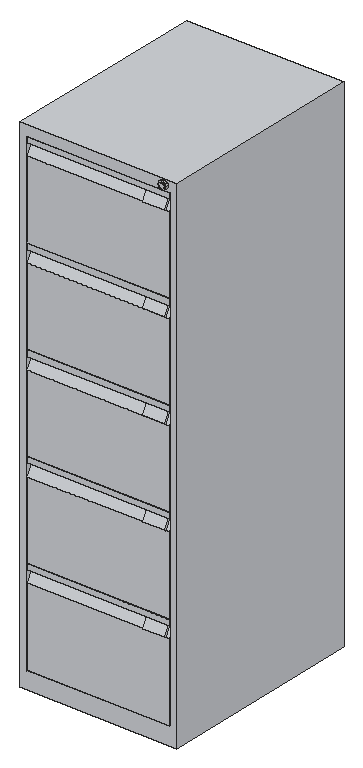
Revit family "BISLEY_BS_Filing_Cabinets", category Furniture, Revit 2018
Family settings
  OmniClass Number = 23.40.20.00
  OmniClass Title = General Furniture and Specialties
  Work Plane-Based = No
  Always vertical = Yes
  Cut with Voids When Loaded = No
  Shared = No
  Room Calculation Point = No
Parameters (values of type "1653")
  plinth height = 50 mm
  Width = 470 mm
  Weight = "67.72kg"
  Warranty = "7 years from date of purchase"  # constant formula
  Uniclass2015Version = "V1.1"  # constant formula
  Uniclass2015Title = "Shelves and Storage Units"  # constant formula
  Uniclass 2015 Code = "PR_40_30_29"  # constant formula
  URL = "www.bisley.com"
  Training Requirements for Operational Use = "N/A"  # constant formula
  Routine Maintenance = "We recommend you clean your unit with warm water and a mild detergent solution. A damp cloth can be used to remove dust particles."  # constant formula
  Range = "BS Filing Cabinet"  # constant formula
  Product Information = "5 Drawer Cabinet"
  Number of drawers = 5
  Model Reference = "1653"
  Model = "Bisley Filing Cabinet"  # constant formula
  Material = "Steel"  # constant formula
  Manufacturer = "Bisley"  # constant formula
  Lebel left = no
  Label right = yes
  Label position = 135.145 mm
  Installation Date = ""
  Height = 1511 mm
  Finish = "Powder Coated"  # constant formula
  Expected Life = ""
  Drawer width2 = -213 mm
  Drawer width1 = 213 mm
  Dimensions = "1511x 470 x 622 mm"
  Description = Product Information  # "5 Drawer Cabinet"
  Depth = 622 mm
  Compliance Standards Certification = "BS 4875: Part 8: 1985, BS 4875: Part 7: 1985"  # constant formula
  Category = "Furniture"  # constant formula
  Author = "Bisley"  # constant formula
  4th label vis = no
  3rd label vis = no
  1653 Visibility = yes
  1623-1643 Visibility = no
Types (8, lengths in mm): name | plinth height | Width | Weight | Product Information | Number of drawers | Model Reference | Lebel left | Label right | Height | Drawer width2 | Drawer width1 | Dimensions | Description | 4th label vis | 3rd label vis | 1653 Visibility | 1623-1643 Visibility
  (no name) | 50 | 470 | "67.72kg" | "5 Drawer Cabinet" | 5 | "1653" | no | yes | 1511 | -213 | 213 | "1511x 470 x 622 mm" | "5 Drawer Cabinet" | no | no | yes | no
  1623 | 70 | 470 | "25.76kg" | "2 Drawer Cabinet" | 2 | "1623" | no | yes | 711 | -213 | 213 | "711 x 470 x 622 mm" | "2 Drawer Cabinet" | no | no | no | yes
  1633 | 70 | 470 | "41.87kg" | "3 Drawer Cabinet" | 3 | "1633" | no | yes | 1016 | -213 | 213 | "1016 x 470 x 622 mm" | "3 Drawer Cabinet" | no | yes | no | yes
  1643 | 70 | 470 | "47.90kg" | "4 Door Cabinet" | 4 | "1643" | no | yes | 1321 | -213 | 213 | "1321 x 470 x 622 mm" | "4 Door Cabinet" | yes | yes | no | yes
  1653 | 50 | 470 | "67.72kg" | "5 Drawer Cabinet" | 5 | "1653" | no | yes | 1511 | -213 | 213 | "1511x 470 x 622 mm" | "5 Drawer Cabinet" | no | no | yes | no
  3623 | 70 | 413 | "28.94kg" | "2 Drawer Cabinet" | 2 | "3623" | yes | no | 711 | -184.5 | 184.5 | "711 x 413 x 622 mm" | "2 Drawer Cabinet" | no | no | no | yes
  3633 | 70 | 413 | "39.94kg" | "3 Drawer Cabinet" | 3 | "1633" | yes | no | 1016 | -184.5 | 184.5 | "1016 x 470 x 622 mm" | "3 Drawer Cabinet" | no | yes | no | yes
  3643 | 70 | 413 | "51.16kg" | "4 Drawer Cabinet" | 4 | "1643" | yes | no | 1321 | -184.5 | 184.5 | "1321 x 470 x 622 mm" | "4 Drawer Cabinet" | yes | yes | no | yes
Reference planes
  plane 1 "Center (Front/Back)": y = 0
  plane 2: z = 7
  plane 3 "Center (Left/Right)": x = 0
  plane 4: x = -235
  plane 5: x = 235
  plane 6: y = 311
  plane 7: y = -311
  plane 8: z = 1518
  plane 9: z = 7
  plane 10: z = 1488
  plane 11: z = 57
  plane 12: x = -215
  plane 13: x = 215
  plane 14: y = 230
  plane 15: x = 477
  plane 16: z = 62
  plane 17: x = -477
  plane 18: z = 1245
  plane 19: z = 978
  plane 20: z = 380.514
  plane 21: z = 383.514
Forms (mm)
  Extrusion 1, solid
    sketch origin (0, 0, 7) x (1, 0, 0) y (0, 1, 0)
      loop
        line (-235, 311) -> (-235, -311) -> (235, -311) -> (235, 311) -> (-235, 311)
    from 0 to 1511
  Extrusion 2, void
    sketch origin (0, 0, 0) x (1, 0, 0) y (0, 0, 1)
      loop
        line (-215, 1488) -> (-215, 57) -> (215, 57) -> (215, 1488) -> (-215, 1488)
    from -230 to 311
  Extrusion 3, solid, not visible
    sketch origin (0, 0, -11) x (0, 0, -1) y (0, -1, 0)
      loop
        line (-375, 215) -> (-73.486, 215) -> (-73.486, 235) -> (-323.022, 235) -> (-358, 216.402) -> (-373.358, 216.402) -> (-373.358, 233.251) -> (-358, 233.251) -> (-358, 235) -> (-375, 235) -> (-375, 215)
    from -213 <- "Drawer width2" to 213 <- "Drawer width1"
  Extrusion 4, solid
    sketch origin (194.969, -66.676, 1.065) x (1, 0, 0) y (0, 0, 1)
      loop
        circle (0, 1502.202) r 12
    from 244.324 to 250
  Extrusion 5, solid
    sketch origin (194.969, -66.676, 1.065) x (1, 0, 0) y (0, 0, 1)
      loop
        circle (-0.041, 1502.074) r 7.706
    from 244.324 to 251.657
  Extrusion 6, solid, visible <- "1623-1643 Visibility"
    sketch origin (0, -76, 5.514) x (0, 0, -1) y (0, -1, 0)
      loop
        line (-375, 215) -> (-73.486, 215) -> (-73.486, 235) -> (-323.022, 235) -> (-358, 216.402) -> (-373.358, 216.402) -> (-373.358, 233.251) -> (-358, 233.251) -> (-358, 235) -> (-375, 235) -> (-375, 215)
    from -213 <- "Drawer width2" to 213 <- "Drawer width1"
  Extrusion 7, solid, visible <- "1623-1643 Visibility"
    sketch origin (7.191, -292.402, 363.514) x (0, -0.469472, -0.882948) y (1, 0, 0)
      loop
        line (39.615, 192.578) -> (0, 192.578) -> (0, 127.955) -> (39.615, 127.955) -> (39.615, 192.578)
    from 0 to 3
  Extrusion 8, solid, visible <- "1623-1643 Visibility"
    sketch origin (0.231, -76, 310.027) x (0, 0, -1) y (0, -1, 0)
      loop
        line (-375, 215) -> (-73.486, 215) -> (-73.486, 235) -> (-323.022, 235) -> (-358, 216.402) -> (-373.358, 216.402) -> (-373.358, 233.251) -> (-358, 233.251) -> (-358, 235) -> (-375, 235) -> (-375, 215)
    from -213 <- "Drawer width2" to 213 <- "Drawer width1"
  Extrusion 9, solid, visible <- "1623-1643 Visibility"
    sketch origin (7.422, -292.402, 668.027) x (0, -0.469472, -0.882948) y (1, 0, 0)
      loop
        line (39.615, 192.578) -> (0, 192.578) -> (0, 127.955) -> (39.615, 127.955) -> (39.615, 192.578)
    from 0 to 3
  Extrusion 10, solid, visible <- "1653 Visibility"
    sketch origin (0, -75.878, -31.047) x (0, 0, -1) y (0, -1, 0)
      loop
        line (-375, 215) -> (-91.004, 215) -> (-91.004, 235.122) -> (-322.794, 235.122) -> (-358, 216.402) -> (-373.358, 216.402) -> (-373.358, 233.251) -> (-358, 233.251) -> (-358, 235) -> (-375, 235) -> (-375, 215)
    from -213 <- "Drawer width2" to 213 <- "Drawer width1"
  Extrusion 11, solid, visible <- "1653 Visibility"
    sketch origin (7.191, -292.28, 326.953) x (0, -0.469472, -0.882948) y (1, 0, 0)
      loop
        line (39.615, 192.578) -> (0, 192.578) -> (0, 127.955) -> (39.615, 127.955) -> (39.615, 192.578)
    from 0 to 3
  Extrusion 12, solid, visible <- "1653 Visibility"
    sketch origin (0, -75.878, 254.99) x (0, 0, -1) y (0, -1, 0)
      loop
        line (-375, 215) -> (-91.004, 215) -> (-91.004, 235.122) -> (-322.794, 235.122) -> (-358, 216.402) -> (-373.358, 216.402) -> (-373.358, 233.251) -> (-358, 233.251) -> (-358, 235) -> (-375, 235) -> (-375, 215)
    from -213 <- "Drawer width2" to 213 <- "Drawer width1"
  Extrusion 13, solid, visible <- "1653 Visibility"
    sketch origin (7.191, -292.28, 612.99) x (0, -0.469472, -0.882948) y (1, 0, 0)
      loop
        line (39.615, 192.578) -> (0, 192.578) -> (0, 127.955) -> (39.615, 127.955) -> (39.615, 192.578)
    from 0 to 3
  Extrusion 14, solid, visible <- "3rd label vis"
    sketch origin (7.422, -292.402, 972.541) x (0, -0.469472, -0.882948) y (1, 0, 0)
      loop
        line (39.615, 192.578) -> (0, 192.578) -> (0, 127.955) -> (39.615, 127.955) -> (39.615, 192.578)
    from 0 to 3
  Extrusion 15, solid, visible <- "4th label vis"
    sketch origin (7.422, -292.402, 1277.054) x (0, -0.469472, -0.882948) y (1, 0, 0)
      loop
        line (39.615, 192.578) -> (0, 192.578) -> (0, 127.955) -> (39.615, 127.955) -> (39.615, 192.578)
    from 0 to 3
  Extrusion 16, solid, visible <- "1623-1643 Visibility"
    sketch origin (0.463, -76, 614.541) x (0, 0, -1) y (0, -1, 0)
      loop
        line (-375, 215) -> (-73.486, 215) -> (-73.486, 235) -> (-323.022, 235) -> (-358, 216.402) -> (-373.358, 216.402) -> (-373.358, 233.251) -> (-358, 233.251) -> (-358, 235) -> (-375, 235) -> (-375, 215)
    from -213 <- "Drawer width2" to 213 <- "Drawer width1"
  Extrusion 17, solid, visible <- "1623-1643 Visibility"
    sketch origin (0.694, -76, 919.054) x (0, 0, -1) y (0, -1, 0)
      loop
        line (-375, 215) -> (-73.486, 215) -> (-73.486, 235) -> (-323.022, 235) -> (-358, 216.402) -> (-373.358, 216.402) -> (-373.358, 233.251) -> (-358, 233.251) -> (-358, 235) -> (-375, 235) -> (-375, 215)
    from -213 <- "Drawer width2" to 213 <- "Drawer width1"
  Extrusion 18, solid, visible <- "1653 Visibility"
    sketch origin (0, -75.878, 541.027) x (0, 0, -1) y (0, -1, 0)
      loop
        line (-375, 215) -> (-91.004, 215) -> (-91.004, 235.122) -> (-322.794, 235.122) -> (-358, 216.402) -> (-373.358, 216.402) -> (-373.358, 233.251) -> (-358, 233.251) -> (-358, 235) -> (-375, 235) -> (-375, 215)
    from -213 <- "Drawer width2" to 213 <- "Drawer width1"
  Extrusion 19, solid, visible <- "1653 Visibility"
    sketch origin (7.191, -292.28, 899.027) x (0, -0.469472, -0.882948) y (1, 0, 0)
      loop
        line (39.615, 192.578) -> (0, 192.578) -> (0, 127.955) -> (39.615, 127.955) -> (39.615, 192.578)
    from 0 to 3
  Extrusion 20, solid, visible <- "1653 Visibility"
    sketch origin (0, -75.878, 827.063) x (0, 0, -1) y (0, -1, 0)
      loop
        line (-375, 215) -> (-91.004, 215) -> (-91.004, 235.122) -> (-322.794, 235.122) -> (-358, 216.402) -> (-373.358, 216.402) -> (-373.358, 233.251) -> (-358, 233.251) -> (-358, 235) -> (-375, 235) -> (-375, 215)
    from -213 <- "Drawer width2" to 213 <- "Drawer width1"
  Extrusion 21, solid, visible <- "1653 Visibility"
    sketch origin (7.191, -292.28, 1185.063) x (0, -0.469472, -0.882948) y (1, 0, 0)
      loop
        line (39.615, 192.578) -> (0, 192.578) -> (0, 127.955) -> (39.615, 127.955) -> (39.615, 192.578)
    from 0 to 3
  Extrusion 22, solid, visible <- "1623-1643 Visibility"
    sketch origin (0.925, -76, 1223.568) x (0, 0, -1) y (0, -1, 0)
      loop
        line (-375, 215) -> (-73.486, 215) -> (-73.486, 235) -> (-323.022, 235) -> (-358, 216.402) -> (-373.358, 216.402) -> (-373.358, 233.251) -> (-358, 233.251) -> (-358, 235) -> (-375, 235) -> (-375, 215)
    from -213 <- "Drawer width2" to 213 <- "Drawer width1"
  Extrusion 23, solid, visible <- "1653 Visibility"
    sketch origin (0, -75.878, 1113.1) x (0, 0, -1) y (0, -1, 0)
      loop
        line (-375, 215) -> (-91.004, 215) -> (-91.004, 235.122) -> (-322.794, 235.122) -> (-358, 216.402) -> (-373.358, 216.402) -> (-373.358, 233.251) -> (-358, 233.251) -> (-358, 235) -> (-375, 235) -> (-375, 215)
    from -213 <- "Drawer width2" to 213 <- "Drawer width1"
  Extrusion 24, solid, visible <- "1653 Visibility"
    sketch origin (7.191, -292.28, 1471.1) x (0, -0.469472, -0.882948) y (1, 0, 0)
      loop
        line (39.615, 192.578) -> (0, 192.578) -> (0, 127.955) -> (39.615, 127.955) -> (39.615, 192.578)
    from 0 to 3
Cuts and joins
  Extrusion 2 cuts Extrusion 1
  joined: Extrusion 6, Extrusion 7
  joined: Extrusion 10, Extrusion 11
Dimensions and locks
  equal spacing: plane 4, plane 3 "Center (Left/Right)", plane 5
  "Width": plane 4 to plane 5
  "Depth": plane 6 to plane 7
  locked: plane 9 to level
  "plinth height": plane 11 to plane 9
  locked: plane 8 to plane 10 at 30
  locked: plane 12 to plane 4 at 20
  locked: plane 5 to plane 13 at 20
  "Height": plane 8 to plane 9
  plane 3 "Center (Left/Right)" to plane 15 = 477 mm
  plane 18 to plane 19 = 267 mm
  equal spacing: plane 15, plane 3 "Center (Left/Right)", plane 17
  plane 17 to cut or joined group of Extrusion 1, Extrusion 2 = 262 mm
  equal spacing: plane 6, plane 1 "Center (Front/Back)", plane 7
  equal spacing: group 2, group 3, group 6, group 7, group 10  (x3)
  equal spacing: group 4, group 5, group 8, group 9, group 11  (x3)
  locked: cut or joined group of Extrusion 6, Extrusion 7 to cut or joined group of Extrusion 6, Extrusion 7 at 64.624
  locked: cut or joined group of Extrusion 6, Extrusion 7 to cut or joined group of Extrusion 6, Extrusion 7 at 34.978
  aligned and locked: level to plane 2
  aligned and locked: Extrusion 1 sketch curve to plane 6
  aligned and locked: plane 4 to Extrusion 1 sketch curve
  aligned and locked: plane 7 to Extrusion 1 sketch curve
  aligned and locked: Extrusion 1 sketch curve to plane 5
  aligned and locked: Extrusion 1 to plane 9
  aligned and locked: plane 8 to Extrusion 1
  aligned and locked: Extrusion 2 sketch curve to plane 10
  aligned and locked: plane 12 to Extrusion 2 sketch curve
  aligned and locked: Extrusion 2 sketch curve to plane 11
  aligned and locked: Extrusion 2 sketch curve to plane 13
  aligned and locked: Extrusion 2 to plane 7
  aligned and locked: Extrusion 2 to plane 14
Automatic sketch dimensions
  Extrusion 3 sketch curve to Extrusion 3 sketch curve = 1.642 mm
  Extrusion 3 sketch curve to Extrusion 3 sketch curve = 15.358 mm  (x2)
  Extrusion 3 sketch curve to Extrusion 3 sketch curve = 34.978 mm
  Extrusion 3 sketch curve to Extrusion 3 sketch curve = 249.536 mm
  Extrusion 3 sketch curve to Extrusion 3 sketch curve = 1.402 mm
  Extrusion 3 sketch curve to Extrusion 3 sketch curve = 16.849 mm
  Extrusion 3 sketch curve to Extrusion 3 sketch curve = 1.749 mm
  Extrusion 3 sketch curve to Extrusion 3 sketch curve = 0 mm
  Extrusion 6 sketch curve to Extrusion 6 sketch curve = 1.642 mm
  Extrusion 6 sketch curve to Extrusion 6 sketch curve = 16.849 mm
  Extrusion 6 sketch curve to Extrusion 6 sketch curve = 1.402 mm
  Extrusion 6 sketch curve to Extrusion 6 sketch curve = 34.978 mm
  Extrusion 6 sketch curve to Extrusion 6 sketch curve = 0 mm  (x2)
  Extrusion 6 sketch curve to Extrusion 6 sketch curve = 15.358 mm
  Extrusion 6 sketch curve to Extrusion 6 sketch curve = 249.536 mm
  Extrusion 6 sketch curve to Extrusion 6 sketch curve = 1.749 mm
  Extrusion 8 sketch curve to Extrusion 8 sketch curve = 1.642 mm
  Extrusion 8 sketch curve to Extrusion 8 sketch curve = 16.849 mm
  Extrusion 8 sketch curve to Extrusion 8 sketch curve = 1.402 mm
  Extrusion 8 sketch curve to Extrusion 8 sketch curve = 34.978 mm
  Extrusion 8 sketch curve to Extrusion 8 sketch curve = 0 mm  (x2)
  Extrusion 8 sketch curve to Extrusion 8 sketch curve = 15.358 mm
  Extrusion 8 sketch curve to Extrusion 8 sketch curve = 249.536 mm
  Extrusion 8 sketch curve to Extrusion 8 sketch curve = 1.749 mm
  Extrusion 10 sketch curve to Extrusion 10 sketch curve = 1.642 mm
  Extrusion 10 sketch curve to Extrusion 10 sketch curve = 16.849 mm
  Extrusion 10 sketch curve to Extrusion 10 sketch curve = 1.402 mm
  Extrusion 11 sketch curve to Extrusion 11 sketch curve = 39.615 mm
  Extrusion 11 sketch curve to Extrusion 11 sketch curve = 64.624 mm
  Extrusion 10 sketch curve to Extrusion 10 sketch curve = 35.206 mm
  Extrusion 10 sketch curve to Extrusion 10 sketch curve = 0 mm
  Extrusion 10 sketch curve to Extrusion 10 sketch curve = 15.358 mm
  Extrusion 10 sketch curve to Extrusion 10 sketch curve = 231.79 mm
  Extrusion 10 sketch curve to Extrusion 10 sketch curve = 1.749 mm
  Extrusion 10 sketch curve to Extrusion 10 sketch curve = 0.122 mm
  Extrusion 12 sketch curve to Extrusion 12 sketch curve = 1.642 mm
  Extrusion 12 sketch curve to Extrusion 12 sketch curve = 16.849 mm
  Extrusion 12 sketch curve to Extrusion 12 sketch curve = 1.402 mm
  Extrusion 13 sketch curve to Extrusion 13 sketch curve = 39.615 mm
  Extrusion 13 sketch curve to Extrusion 13 sketch curve = 64.624 mm
  Extrusion 12 sketch curve to Extrusion 12 sketch curve = 35.206 mm
  Extrusion 12 sketch curve to Extrusion 12 sketch curve = 0 mm
  Extrusion 12 sketch curve to Extrusion 12 sketch curve = 15.358 mm
  Extrusion 12 sketch curve to Extrusion 12 sketch curve = 231.79 mm
  Extrusion 12 sketch curve to Extrusion 12 sketch curve = 1.749 mm
  Extrusion 12 sketch curve to Extrusion 12 sketch curve = 0.122 mm
  Extrusion 4 sketch curve to plane 13 = 20.031 mm
  Extrusion 4 sketch curve to plane 8 = 14.733 mm
  Extrusion 5 sketch curve to plane 13 = 20.073 mm
  Extrusion 5 sketch curve to plane 8 = 14.861 mm
  Extrusion 7 sketch curve to plane 13 = 15.231 mm
  Extrusion 7 sketch curve to Extrusion 7 sketch curve = 39.615 mm
  Extrusion 7 sketch curve to Extrusion 7 sketch curve = 64.624 mm
  Extrusion 9 sketch curve to plane 13 = 15 mm
  Extrusion 9 sketch curve to Extrusion 9 sketch curve = 39.615 mm
  Extrusion 9 sketch curve to Extrusion 9 sketch curve = 64.624 mm
  Extrusion 14 sketch curve to plane 13 = 15 mm
  Extrusion 14 sketch curve to Extrusion 14 sketch curve = 39.615 mm
  Extrusion 14 sketch curve to Extrusion 14 sketch curve = 64.624 mm
  Extrusion 15 sketch curve to plane 13 = 15 mm
  Extrusion 15 sketch curve to Extrusion 15 sketch curve = 39.615 mm
  Extrusion 15 sketch curve to Extrusion 15 sketch curve = 64.624 mm
  Extrusion 16 sketch curve to Extrusion 16 sketch curve = 1.642 mm
  Extrusion 16 sketch curve to Extrusion 16 sketch curve = 16.849 mm
  Extrusion 16 sketch curve to Extrusion 16 sketch curve = 1.402 mm
  Extrusion 16 sketch curve to Extrusion 16 sketch curve = 34.978 mm
  Extrusion 16 sketch curve to Extrusion 16 sketch curve = 0 mm  (x2)
  Extrusion 16 sketch curve to Extrusion 16 sketch curve = 15.358 mm
  Extrusion 16 sketch curve to Extrusion 16 sketch curve = 249.536 mm
  Extrusion 16 sketch curve to Extrusion 16 sketch curve = 1.749 mm
  Extrusion 17 sketch curve to Extrusion 17 sketch curve = 1.642 mm
  Extrusion 17 sketch curve to Extrusion 17 sketch curve = 16.849 mm
  Extrusion 17 sketch curve to Extrusion 17 sketch curve = 1.402 mm
  Extrusion 17 sketch curve to Extrusion 17 sketch curve = 34.978 mm
  Extrusion 17 sketch curve to Extrusion 17 sketch curve = 0 mm  (x2)
  Extrusion 17 sketch curve to Extrusion 17 sketch curve = 15.358 mm
  Extrusion 17 sketch curve to Extrusion 17 sketch curve = 249.536 mm
  Extrusion 17 sketch curve to Extrusion 17 sketch curve = 1.749 mm
  Extrusion 18 sketch curve to Extrusion 18 sketch curve = 1.642 mm
  Extrusion 18 sketch curve to Extrusion 18 sketch curve = 16.849 mm
  Extrusion 18 sketch curve to Extrusion 18 sketch curve = 1.402 mm
  Extrusion 19 sketch curve to Extrusion 19 sketch curve = 39.615 mm
  Extrusion 19 sketch curve to Extrusion 19 sketch curve = 64.624 mm
  Extrusion 18 sketch curve to Extrusion 18 sketch curve = 35.206 mm
  Extrusion 18 sketch curve to Extrusion 18 sketch curve = 0 mm
  Extrusion 18 sketch curve to Extrusion 18 sketch curve = 15.358 mm
  Extrusion 18 sketch curve to Extrusion 18 sketch curve = 231.79 mm
  Extrusion 18 sketch curve to Extrusion 18 sketch curve = 1.749 mm
  Extrusion 18 sketch curve to Extrusion 18 sketch curve = 0.122 mm
  Extrusion 20 sketch curve to Extrusion 20 sketch curve = 1.642 mm
  Extrusion 20 sketch curve to Extrusion 20 sketch curve = 16.849 mm
  Extrusion 20 sketch curve to Extrusion 20 sketch curve = 1.402 mm
  Extrusion 21 sketch curve to Extrusion 21 sketch curve = 39.615 mm
  Extrusion 21 sketch curve to Extrusion 21 sketch curve = 64.624 mm
  Extrusion 20 sketch curve to Extrusion 20 sketch curve = 35.206 mm
  Extrusion 20 sketch curve to Extrusion 20 sketch curve = 0 mm
  Extrusion 20 sketch curve to Extrusion 20 sketch curve = 15.358 mm
  Extrusion 20 sketch curve to Extrusion 20 sketch curve = 231.79 mm
  Extrusion 20 sketch curve to Extrusion 20 sketch curve = 1.749 mm
  Extrusion 20 sketch curve to Extrusion 20 sketch curve = 0.122 mm
  Extrusion 22 sketch curve to Extrusion 22 sketch curve = 1.642 mm
  Extrusion 22 sketch curve to Extrusion 22 sketch curve = 16.849 mm
  Extrusion 22 sketch curve to Extrusion 22 sketch curve = 1.402 mm
  Extrusion 22 sketch curve to Extrusion 22 sketch curve = 34.978 mm
  Extrusion 22 sketch curve to Extrusion 22 sketch curve = 0 mm  (x2)
  Extrusion 22 sketch curve to Extrusion 22 sketch curve = 15.358 mm
  Extrusion 22 sketch curve to Extrusion 22 sketch curve = 249.536 mm
  Extrusion 22 sketch curve to Extrusion 22 sketch curve = 1.749 mm
  Extrusion 23 sketch curve to Extrusion 23 sketch curve = 1.642 mm
  Extrusion 23 sketch curve to Extrusion 23 sketch curve = 16.849 mm
  Extrusion 23 sketch curve to Extrusion 23 sketch curve = 1.402 mm
  Extrusion 24 sketch curve to Extrusion 24 sketch curve = 39.615 mm
  Extrusion 24 sketch curve to Extrusion 24 sketch curve = 64.624 mm
  Extrusion 23 sketch curve to Extrusion 23 sketch curve = 35.206 mm
  Extrusion 23 sketch curve to Extrusion 23 sketch curve = 0 mm
  Extrusion 23 sketch curve to Extrusion 23 sketch curve = 15.358 mm
  Extrusion 23 sketch curve to Extrusion 23 sketch curve = 231.79 mm
  Extrusion 23 sketch curve to Extrusion 23 sketch curve = 1.749 mm
  Extrusion 23 sketch curve to Extrusion 23 sketch curve = 0.122 mm
  radius of Extrusion 4 sketch curve = 12 mm
  radius of Extrusion 5 sketch curve = 7.706 mm
